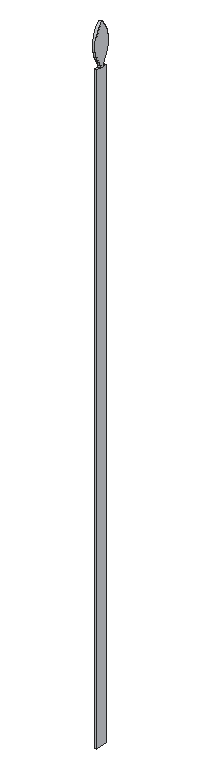
Revit family "Post w Spear Head", category 난간동자, Revit 2026
Family settings
  항상 수직 = 예
  로드될 때 보이드를 사용하여 절단 = 아니오
  공유 = 아니오
Parameters (values of type "25mm Wide")
  built-in parameter 1008623 [instance] = (empty or 0)
  built-in parameter 1008625 [instance] = (empty or 0)
  Width = 25 mm
  Post = yes
  Manufacturer = ""
  Description = ""
  built-in parameter 1008624 [instance] = (empty or 0)
  built-in parameter 1008622 [instance] = 1400 mm
  Assembly Code = ""
Types (3, lengths in mm): name | Width
  35mm Wide | 35
  25mm Wide | 25
  15mm Wide | 15
Reference planes
  plane 1 "Center (Front/Back)": y = 0
  plane 2: z = 0
  plane 3 "Center (Left/Right)": x = 0
  plane 4 "Top of Post": z = 1400
  plane 5: y = 12.5
  plane 6: y = -12.5
Forms (mm)
  Extrusion 1, solid
    sketch origin (0, 0, 0) x (1, 0, 0) y (0, 0, 1)
      loop
        line (-2.5, 0) -> (2.5, 0) -> (2.5, 1400) -> (-2.5, 1400) -> (-2.5, 0)
    from -12.5 to 12.5
  Extrusion 2, solid
    sketch origin (0, 0, 0) x (0, 1, 0) y (0, 0, 1)
      loop
        line (-2.858, 1400) -> (2.858, 1400) -> (2.858, 1405)
        arc (2.858, 1405) -> (18.402, 1450.741) -> (0, 1495.409) r 68.718
        arc (0, 1495.409) -> (-18.402, 1450.741) -> (-2.858, 1405) r 68.718
        line (-2.858, 1405) -> (-2.858, 1400)
    from -2.5 to 2.5
Dimensions and locks
  "built-in parameter 1008622": plane 4 "Top of Post" to level
  equal spacing: Extrusion 1 sketch curve, plane 3 "Center (Left/Right)", Extrusion 1 sketch curve
  locked: Extrusion 1 sketch curve to Extrusion 1 sketch curve at 5
  equal spacing: plane 6, plane 1 "Center (Front/Back)", plane 5
  "Width": plane 6 to plane 5
  aligned and locked: plane 6 to Extrusion 1
  aligned and locked: Extrusion 1 to plane 5
  aligned and locked: plane 4 "Top of Post" to Extrusion 1 sketch curve
  aligned and locked: Extrusion 2 to Extrusion 1
  aligned and locked: Extrusion 1 to Extrusion 2
Automatic sketch dimensions
  Extrusion 1 sketch curve to level = 0 mm
  plane 4 "Top of Post" to Extrusion 2 sketch curve = 0 mm
  Extrusion 2 sketch curve to plane 1 "Center (Front/Back)" = 2.858 mm
  Extrusion 2 sketch curve to plane 4 "Top of Post" = 5 mm  (x2)
  Extrusion 2 sketch curve to plane 5 = 37.782 mm
  plane 6 to Extrusion 2 sketch curve = 37.782 mm
  plane 1 "Center (Front/Back)" to Extrusion 2 sketch curve = 2.858 mm
  plane 1 "Center (Front/Back)" to Extrusion 2 sketch curve = 0 mm
  Extrusion 2 sketch curve to plane 4 "Top of Post" = 48.57 mm
